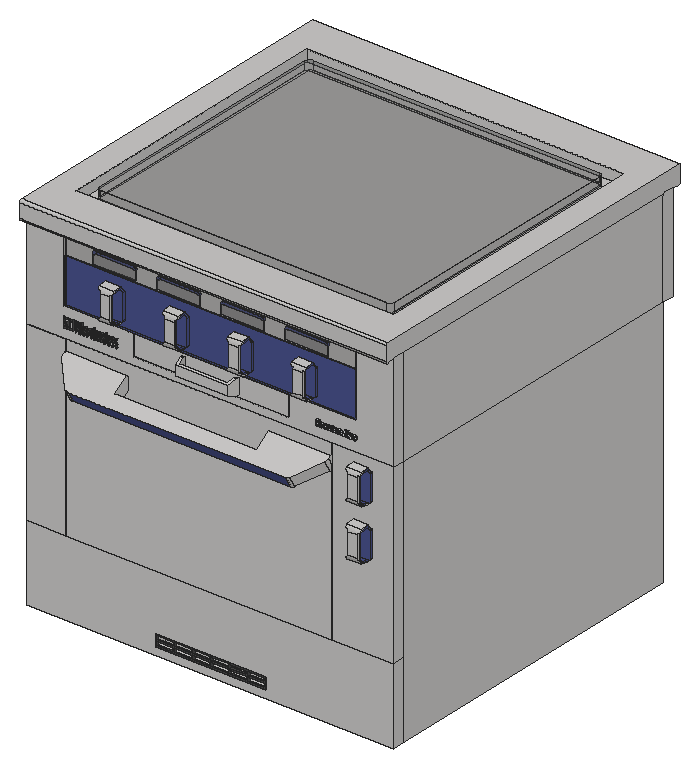
Revit family "QF_ELECTROLUXPROFESSIONAL_588420_MALMFAH8AO", category Attrezzature speciali, Revit 2020
Family settings
  Quota connettore circolare = Usa diametro
  Tipo di parte = Normale
  Basato su piano di lavoro = No
  Sempre verticale = Sì
  Taglio con vuoti quando caricato = No
  Condiviso = No
  Punto di calcolo locali = No
Parameters (values of type "Standard")
  Weight = 208.00 kg
  Watts = 17300 W
  Volts = 400 V
  URL Manufacturer = "https://www.electroluxprofessional.com/"
  URL = "https://www.electroluxprofessional.com/"
  Steam Supply Size = 0"
  Steam Supply Minimum Pressure = 0.00 psi
  Steam Supply Maximum Pressure = 0.00 psi
  Steam Consumption per Hour = 0
  Refrigeration Suction Line Size = 0 mm
  Refrigeration Liquid Line Size = 0 mm
  Refrigerant Compressor Remote = yes
  Prospetto di default = 0 mm
  Phase = 3
  Modello = "MALMFAH8AO"
  Produttore = "Electrolux Professional"
  Length Actual = 800 mm  # constant formula
  Item Number = "588420"
  Hot Water Size = 0"
  Height Actual = 800 mm  # constant formula
  HP = "23.2 HP"
  Gas Size = 0"
  Gas KW = 0
  Gas Input Pressure = 0.0 Btu/h
  Direct Waste Size = 0"
  Descrizione = "EL.SOLID T,ECO,ST.OV,1S,800X800X800H"
  Depth Actual = 800 mm  # constant formula
  Cycle = 50 Hz
  Condensate Return Size = 0"
  Compressed Air Volume = 0 GPM
  Compressed Air Size = 0"
  Compressed Air Pressure = 0.00 psi
  Cold Water Size = 0"
  Accessory = yes
Reference planes
  plane 1 "BACK": y = 0
  plane 2: z = 0
  plane 3 "LEFT": x = 0
  plane 4 "RIGHT": x = 800
  plane 5 "FRONT": y = -800
  plane 6 "TOP": z = 900
  plane 7 "Center (Left/Right)": x = 400
  plane 8: y = -400
  plane 9: z = 100
  plane 10: y = -150
  plane 11 "Panel": y = -755
  plane 12: z = 798
  plane 13: z = 1327
  plane 14: x = 78
  plane 15: x = 722
  plane 16: y = -150
  plane 17: y = -650
  plane 18 "EIx": x = 755
  plane 19 "EIy": y = -585
Forms (mm)
  Extrusion 1, solid, material "QF_Finishes_Stainless Steel"
    sketch origin (-178.969, -4572, 100) x (-1, 0, 0) y (0, -1, 0)
      loop
        line (-178.969, -4527) -> (-178.969, -3817) -> (-978.969, -3817) -> (-978.969, -4527) -> (-178.969, -4527)
    from 550 to 763
  Extrusion 2, solid, material "QF_Finishes_Stainless Steel"
    sketch origin (0, 0, 0) x (0, 1, 0) y (0, 0, 1)
      loop
        line (-755, 100) -> (-755, 265) -> (-780, 265) -> (-780, 100) -> (-755, 100)
    from 0 to 800
  Extrusion 3, solid, material "QF_Finishes_Stainless Steel"
    sketch origin (-588.969, -4562, 100) x (-1, 0, 0) y (0, -1, 0)
      loop
        circle (-1343.969, -3977) r 6.35
    from 0 to -11.851
  Extrusion 4, solid, material "QF_Finishes_Stainless Steel"
    sketch origin (400, 296.4, 1219.2) x (0, 1, 0) y (0, 0, 1)
      loop
        line (-296.4, -319.2) -> (-1091.4, -319.2)
        arc (-1091.4, -319.2) -> (-1094.935, -320.664) -> (-1096.4, -324.2) r 5
        line (-1096.4, -324.2) -> (-1096.4, -355.2)
        arc (-1096.4, -355.2) -> (-1094.971, -358.264) -> (-1091.705, -359.139) r 4
        line (-1091.705, -359.139) -> (-1076.4, -356.231) -> (-316.4, -356.231) -> (-301.094, -359.139)
        arc (-301.094, -359.139) -> (-297.829, -358.264) -> (-296.4, -355.2) r 4
        line (-296.4, -355.2) -> (-296.4, -319.2)
    from -400 to 400
  Extrusion 5, solid, material "QF_Finishes_Electrolux_Black Smoke Iluminated"
    sketch origin (0, 0, 900) x (-1, 0, 0) y (0, -1, 0)
      loop
        arc (-88, 109) -> (-80.929, 111.929) -> (-78, 119) r 10
        line (-78, 119) -> (-78, 680)
        arc (-78, 680) -> (-80.929, 687.071) -> (-88, 690) r 10
        line (-88, 690) -> (-712, 690)
        arc (-712, 690) -> (-719.071, 687.071) -> (-722, 680) r 10
        line (-722, 680) -> (-722, 119)
        arc (-722, 119) -> (-719.071, 111.929) -> (-712, 109) r 10
        line (-712, 109) -> (-88, 109)
    from 0 to -20
  Extrusion 6, solid, material "QF_Finishes_Stainless Steel"
    sketch origin (-178.969, -4572, 100) x (-1, 0, 0) y (0, -1, 0)
      loop
        line (-178.969, -4527) -> (-178.969, -3817) -> (-978.969, -3817) -> (-978.969, -4527) -> (-178.969, -4527)
    from 550 to 0
  Extrusion 7, void
    sketch origin (0, -755, 0) x (-1, 0, 0) y (0, 0, 1)
      loop
        line (-520, 116.594) -> (-280, 116.594) -> (-280, 141.594) -> (-520, 141.594) -> (-520, 116.594)
    from 0 to -25
  Extrusion 8, solid, material "QF_Finishes_Black"
    sketch origin (0, -755, 0) x (-1, 0, 0) y (0, 0, 1)
      loop
        line (-280, 141.594) -> (-520, 141.594) -> (-520, 116.594) -> (-280, 116.594) -> (-280, 141.594)
      loop
        line (-282, 139.594) -> (-319.131, 139.594) -> (-319.131, 130.094) -> (-282, 130.094) -> (-282, 139.594)
      loop
        line (-282, 118.594) -> (-282, 128.094) -> (-319.131, 128.094) -> (-319.131, 118.594) -> (-282, 118.594)
      loop
        line (-321.131, 139.594) -> (-359.066, 139.594) -> (-359.066, 130.094) -> (-321.131, 130.094) -> (-321.131, 139.594)
      loop
        line (-399, 139.594) -> (-399, 130.094) -> (-361.066, 130.094) -> (-361.066, 139.594) -> (-399, 139.594)
      loop
        line (-401, 139.594) -> (-438.934, 139.594) -> (-438.934, 130.094) -> (-401, 130.094) -> (-401, 139.594)
      loop
        line (-359.066, 118.594) -> (-321.131, 118.594) -> (-321.131, 128.094) -> (-359.066, 128.094) -> (-359.066, 118.594)
      loop
        line (-361.066, 118.594) -> (-361.066, 128.094) -> (-399, 128.094) -> (-399, 118.594) -> (-361.066, 118.594)
      loop
        line (-401, 128.094) -> (-438.934, 128.094) -> (-438.934, 118.594) -> (-401, 118.594) -> (-401, 128.094)
      loop
        line (-518, 139.594) -> (-518, 130.094) -> (-480.869, 130.094) -> (-480.869, 139.594) -> (-518, 139.594)
      loop
        line (-518, 118.594) -> (-480.869, 118.594) -> (-480.869, 128.094) -> (-518, 128.094) -> (-518, 118.594)
      loop
        line (-478.869, 139.594) -> (-478.869, 130.094) -> (-440.934, 130.094) -> (-440.934, 139.594) -> (-478.869, 139.594)
      loop
        line (-440.934, 118.594) -> (-440.934, 128.094) -> (-478.869, 128.094) -> (-478.869, 118.594) -> (-440.934, 118.594)
    from -25.03 to -20
  Extrusion 9, void
    sketch origin (0, 0, 900) x (-1, 0, 0) y (0, -1, 0)
      loop
        line (-53, 715) -> (-747, 715) -> (-747, 84) -> (-53, 84) -> (-53, 715)
    from 0 to -25
  Extrusion 10, solid, material "QF_Finishes_Stainless Steel"
    sketch origin (0, 0, 900) x (-1, 0, 0) y (0, -1, 0)
      loop
        line (-82, 113) -> (-82, 686) -> (-718, 686) -> (-718, 113) -> (-82, 113)
    from -20 to -25
  Extrusion 11, solid, material "QF_Finishes_Stainless Steel"
    sketch origin (400, 296.4, 1219.169) x (0, 1, 0) y (0, 0, 1)
      loop
        line (-341.4, -356.2) -> (-341.4, -569.2) -> (-316.4, -569.2) -> (-316.4, -356.2) -> (-341.4, -356.2)
    from -400 to 400
Cuts and joins
  Extrusion 7 cuts Extrusion 6
  Extrusion 7 cuts Extrusion 2
  Extrusion 9 cuts Extrusion 4
Lines and regions (mm)
  symbolic lines
    curve 1: line (0, 0, 100) -> (800, 0, 100)
    curve 2: line (0, -800, 100) -> (0, 0, 100)
    curve 3: line (800, -800, 100) -> (0, -800, 100)
    curve 4: line (800, 0, 100) -> (800, -800, 100)
    curve 5: line (712, -109, 100) -> (88, -109, 100)
    curve 6: line (78, -119, 100) -> (78, -680, 100)
    curve 7: line (88, -690, 100) -> (712, -690, 100)
    curve 8: line (722, -680, 100) -> (722, -119, 100)
    curve 9: arc (88, -109, 100) -> (80.929, -111.929, 100) -> (78, -119, 100) r 10
    curve 10: arc (722, -119, 100) -> (719.071, -111.929, 100) -> (712, -109, 100) r 10
    curve 11: arc (712, -690, 100) -> (719.071, -687.071, 100) -> (722, -680, 100) r 10
    curve 12: arc (78, -680, 100) -> (80.929, -687.071, 100) -> (88, -690, 100) r 10
    curve 13: line (747, -84, 900) -> (53, -84, 900)
    curve 14: line (53, -84, 900) -> (53, -715, 900)
    curve 15: line (747, -715, 900) -> (747, -84, 900)
    curve 16: line (53, -715, 900) -> (747, -715, 900)
  model lines, style "SpecialityEquipment"
    curve 17: arc (584, -161, 900) -> (530.967, -289.033, 900) -> (659, -236, 900) r 75
    curve 18: line (639, -236, 900) -> (679, -236, 900)
    curve 19: line (679, -236, 900) -> (659, -216, 900)
    curve 20: line (639, -236, 900) -> (659, -216, 900)
    curve 21: arc (216, -161, 900) -> (162.967, -289.033, 900) -> (291, -236, 900) r 75
    curve 22: line (271, -236, 900) -> (311, -236, 900)
    curve 23: line (311, -236, 900) -> (291, -216, 900)
    curve 24: line (271, -236, 900) -> (291, -216, 900)
    curve 25: arc (584, -489, 900) -> (530.967, -617.033, 900) -> (659, -564, 900) r 75
    curve 26: line (639, -564, 900) -> (679, -564, 900)
    curve 27: line (679, -564, 900) -> (659, -544, 900)
    curve 28: line (639, -564, 900) -> (659, -544, 900)
    curve 29: arc (216, -489, 900) -> (162.967, -617.033, 900) -> (291, -564, 900) r 75
    curve 30: line (271, -564, 900) -> (311, -564, 900)
    curve 31: line (311, -564, 900) -> (291, -544, 900)
    curve 32: line (271, -564, 900) -> (291, -544, 900)
Dimensions and locks
  plane 3 "LEFT" to plane 4 "RIGHT" = 800 mm
  plane 5 "FRONT" to plane 1 "BACK" = 800 mm
  equal spacing: plane 3 "LEFT", plane 7 "Center (Left/Right)", plane 4 "RIGHT"
  equal spacing: plane 5 "FRONT", plane 8, plane 1 "BACK"
  plane 6 "TOP" to level = 900 mm  (x2)
  plane 9 to level = 100 mm
  plane 1 "BACK" to plane 10 to plane 11 "Panel" = 150 mm, 605 mm  (x2)
  plane 6 "TOP" to plane 9 to level = 800 mm, 100 mm
  plane 1 "BACK" to plane 5 "FRONT" = 800 mm
  plane 1 "BACK" to Extrusion 3 = 585 mm
  plane 12 to plane 9 = 698 mm
  plane 13 to plane 6 "TOP" = 427 mm
  plane 6 "TOP" to plane 12 = 102 mm
  plane 14 to plane 3 "LEFT" = 78 mm
  plane 15 to plane 4 "RIGHT" = 78 mm
  locked: plane 1 "BACK" to plane 16 at 150
  locked: plane 16 to plane 17 at 500
  plane 11 "Panel" to plane 5 "FRONT" = 45 mm
  plane 18 "EIx" to plane 4 "RIGHT" = 45 mm
  plane 19 "EIy" to plane 1 "BACK" = 585 mm
  aligned and locked: level to plane 2
  aligned and locked: Extrusion 2 to plane 4 "RIGHT"
  aligned and locked: plane 3 "LEFT" to nested 1
  aligned and locked: nested 1 to nested 4
  aligned and locked: cut or joined group of Extrusion 2, Extrusion 7 to nested 1
Automatic sketch dimensions
  Extrusion 2 sketch curve to plane 9 = 0 mm
  Extrusion 2 sketch curve to plane 11 "Panel" = 0 mm
  Extrusion 2 sketch curve to plane 5 "FRONT" = 20 mm
  plane 9 to Extrusion 2 sketch curve = 165 mm
  Extrusion 3 sketch curve to plane 18 "EIx" = 0 mm
  Extrusion 3 sketch curve to plane 19 "EIy" = 0 mm
  Extrusion 4 sketch curve to plane 5 "FRONT" = 0 mm
  Extrusion 4 sketch curve to plane 6 "TOP" = 0 mm
  Extrusion 4 sketch curve to plane 1 "BACK" = 0 mm
  Extrusion 4 sketch curve to plane 5 "FRONT" = 4 mm
  Extrusion 4 sketch curve to Extrusion 4 sketch curve = 0.695 mm
  Extrusion 4 sketch curve to plane 5 "FRONT" = 5 mm
  Extrusion 4 sketch curve to Extrusion 4 sketch curve = 15.305 mm
  plane 1 "BACK" to Extrusion 4 sketch curve = 20 mm
  plane 1 "BACK" to Extrusion 4 sketch curve = 4.695 mm
  Extrusion 4 sketch curve to Extrusion 4 sketch curve = 4 mm
  Extrusion 4 sketch curve to Extrusion 4 sketch curve = 31 mm
  Extrusion 4 sketch curve to plane 6 "TOP" = 36 mm
  Extrusion 4 sketch curve to Extrusion 4 sketch curve = 2.909 mm
  Extrusion 5 sketch curve to plane 15 = 0 mm
  Extrusion 5 sketch curve to plane 14 = 0 mm
  plane 15 to Extrusion 5 sketch curve = 10 mm  (x2)
  Extrusion 5 sketch curve to Extrusion 5 sketch curve = 10 mm  (x2)
  plane 10 to Extrusion 5 sketch curve = 41 mm
  plane 17 to Extrusion 5 sketch curve = 30 mm
  plane 9 to Extrusion 7 sketch curve = 41.594 mm
  plane 7 "Center (Left/Right)" to Extrusion 7 sketch curve = 120 mm
  Extrusion 7 sketch curve to plane 7 "Center (Left/Right)" = 120 mm
  plane 9 to Extrusion 7 sketch curve = 16.594 mm
  plane 9 to Extrusion 8 sketch curve = 41.594 mm
  plane 7 "Center (Left/Right)" to Extrusion 8 sketch curve = 120 mm
  Extrusion 8 sketch curve to Extrusion 8 sketch curve = 2 mm  (x15)
  Extrusion 8 sketch curve to Extrusion 8 sketch curve = 0 mm  (x16)
  Extrusion 8 sketch curve to Extrusion 8 sketch curve = 37.131 mm  (x2)
  Extrusion 8 sketch curve to Extrusion 8 sketch curve = 37.934 mm  (x3)
  plane 7 "Center (Left/Right)" to Extrusion 8 sketch curve = 1 mm  (x2)
  Extrusion 8 sketch curve to plane 7 "Center (Left/Right)" = 1 mm  (x2)
  plane 9 to Extrusion 8 sketch curve = 18.594 mm  (x4)
  Extrusion 8 sketch curve to Extrusion 8 sketch curve = 9.5 mm  (x6)
  plane 18 "EIx" to Extrusion 9 sketch curve = 8 mm
  plane 14 to Extrusion 9 sketch curve = 25 mm
  plane 10 to Extrusion 9 sketch curve = 66 mm
  plane 11 "Panel" to Extrusion 9 sketch curve = 40 mm
  Extrusion 10 sketch curve to plane 14 = 4 mm
  plane 15 to Extrusion 10 sketch curve = 4 mm
  plane 17 to Extrusion 10 sketch curve = 36 mm
  plane 10 to Extrusion 10 sketch curve = 37 mm
  Extrusion 1 sketch curve to plane 4 "RIGHT" = 0 mm
  Extrusion 1 sketch curve to plane 3 "LEFT" = 0 mm
  Extrusion 1 sketch curve to plane 11 "Panel" = 0 mm
  plane 1 "BACK" to Extrusion 1 sketch curve = 45 mm
  plane 1 "BACK" to curve 1 = 0 mm
  curve 1 to plane 4 "RIGHT" = 0 mm
  curve 8 to plane 15 = 0 mm
  curve 6 to plane 14 = 0 mm
  curve 2 to plane 3 "LEFT" = 0 mm
  plane 5 "FRONT" to curve 3 = 0 mm
  plane 15 to curve 5 = 10 mm
  curve 11 to curve 11 = 10 mm
  curve 5 to plane 14 = 10 mm
  curve 12 to curve 6 = 10 mm
  plane 10 to curve 5 = 41 mm
  plane 17 to curve 11 = 30 mm
  Extrusion 6 sketch curve to plane 4 "RIGHT" = 0 mm
  Extrusion 6 sketch curve to plane 3 "LEFT" = 0 mm
  Extrusion 6 sketch curve to plane 11 "Panel" = 0 mm
  plane 1 "BACK" to Extrusion 6 sketch curve = 45 mm
  curve 20 to curve 17 = 55 mm
  curve 26 to curve 25 = 55 mm
  curve 19 to curve 18 = 20 mm
  curve 26 to curve 27 = 20 mm
  curve 18 to curve 19 = 20 mm
  plane 18 "EIx" to curve 13 = 8 mm
  curve 31 to plane 7 "Center (Left/Right)" = 89 mm
  curve 23 to plane 7 "Center (Left/Right)" = 89 mm
  curve 22 to curve 24 = 20 mm
  curve 30 to curve 31 = 20 mm
  curve 23 to curve 22 = 20 mm
  curve 31 to curve 30 = 20 mm
  curve 22 to curve 21 = 55 mm
  curve 30 to curve 29 = 55 mm
  plane 14 to curve 14 = 25 mm
  plane 10 to curve 13 = 66 mm
  plane 11 "Panel" to curve 16 = 40 mm
  curve 29 to curve 30 = 20 mm
  curve 27 to curve 26 = 40 mm
  curve 25 to curve 26 = 20 mm
  plane 15 to curve 19 = 43 mm
  curve 17 to curve 18 = 20 mm
  curve 21 to curve 22 = 20 mm
  Extrusion 11 sketch curve to Extrusion 11 sketch curve = 25 mm
  plane 1 "BACK" to Extrusion 11 sketch curve = 20 mm
  Extrusion 11 sketch curve to plane 12 = 148.031 mm
  Extrusion 11 sketch curve to plane 6 "TOP" = 37.031 mm
  plane 19 "EIy" to curve 27 = 21 mm
  plane 15 to curve 27 = 43 mm
  curve 23 to plane 10 = 66 mm
  curve 19 to plane 10 = 66 mm
  plane 19 "EIy" to curve 32 = 41 mm
  radius of Extrusion 3 sketch curve = 6.35 mm
Nested families
  nested 1: "Door_Panel_W800_A" at (300, -755, 0), type "Door_Panel_W800_A"
  nested 2: "FIT Range Control Handle" at (730, -783.167, -372.751), type "FIT Range Control Handle"
  nested 3: "FIT Range Control Handle" at (730, -783.167, -484.751), type "FIT Range Control Handle"
  nested 4: "Front_Panel_W800_Four Knobs" at (202.376, -755, 0), type "Front_Panel_W800_Four Knobs"
Connectors
  electrical at (755, -585, 88.149)
    settings: on Extrusion 3, index 1, voltage 400 V, apparent load 33000 VA, apparent load phase1 0 VA, apparent load phase2 0 VA, apparent load phase3 0 VA, power factor 1, load classification "Other", number of poles 1, system type 30, power factor state 1, is connector primary yes, connector utility no, sub classification motor no, connector description "ELECTRICAL CONNECTION"
Definition of nested family "Door_Panel_W800_A"
  Parameters
    Default Elevation = 0 mm
  Reference planes
    plane 1 "Center (Front/Back)": y = 0
    plane 2 "Ref. Level": z = 0
    plane 3: x = 500
    plane 4: x = -300
    plane 5 "Center (Left/Right)": x = 100
    plane 6: x = -215
    plane 7: x = 365
    plane 8 "Manopola": through (-6096, -50.059, 612.389) normal (0, -0.515, 0.8572)
    plane 9 "Top": z = 650
    plane 10: z = 265
    plane 11: z = 200
  Forms (mm)
    Extrusion 1, solid
      sketch origin (100, 0, 0) x (0, 1, 0) y (0, 0, 1)
        loop
          line (-25.03, 650) -> (-25.03, 265) -> (0, 265) -> (0, 650) -> (-25.03, 650)
      from 265 to 400
    Extrusion 2, solid
      sketch origin (100, 0, 0) x (0, 1, 0) y (0, 0, 1)
        loop
          line (-25.03, 650) -> (-25.03, 265) -> (0, 265) -> (0, 650) -> (-25.03, 650)
      from -400 to -315
    Extrusion 3, solid
      sketch origin (100, 0, 0) x (0, 1, 0) y (0, 0, 1)
        loop
          line (-25.03, 650) -> (-25.03, 265) -> (0, 265) -> (0, 650) -> (-25.03, 650)
      from -315 to 265
    Extrusion 4, solid
      sketch origin (0, -283.633, 472.044) x (0, 0.857167, 0.515038) y (-1, 0, 0)
        loop
          line (299.12, -365) -> (299.12, 215) -> (290.982, 215)
          arc (290.982, 215) -> (286.677, 214.026) -> (283.211, 211.293) r 10
          line (283.211, 211.293) -> (233.28, 170.86)
          arc (233.28, 170.86) -> (230.548, 167.394) -> (229.574, 163.089) r 10
          line (229.574, 163.089) -> (229.574, -313.089)
          arc (229.574, -313.089) -> (230.548, -317.394) -> (233.28, -320.86) r 10
          line (233.28, -320.86) -> (283.211, -361.293)
          arc (283.211, -361.293) -> (286.677, -364.026) -> (290.982, -365) r 10
          line (290.982, -365) -> (299.12, -365)
      from -27 to 0
    Extrusion 5, void
      sketch origin (100, 0, 0) x (0, 1, 0) y (0, 0, 1)
        loop
          line (-61.514, 605.507) -> (-47.608, 582.363) -> (-25.03, 595.93) -> (-25.03, 627.429) -> (-61.514, 605.507)
      from -180 to 130
    Extrusion 6, solid, detail levels coarse
      sketch origin (100, 0, 0) x (0, 1, 0) y (0, 0, 1)
        loop
          line (-25.03, 265) -> (-25.03, 650)
          arc (-25.03, 650) -> (-297.266, 537.236) -> (-410.03, 265) r 385
          line (-410.03, 265) -> (-25.03, 265)
      from -315 to 265
  Cuts and joins
    Extrusion 5 cuts Extrusion 4
    joined: Extrusion 3, Extrusion 4
  Lines and regions (mm)
    symbolic lines
      curve 1: line (-207.355, -45.043, 0) -> (-170.86, -83.673, 0)
      curve 2: line (-163.089, -86.85, 0) -> (313.089, -86.85, 0)
      curve 3: line (320.86, -83.673, 0) -> (357.355, -45.043, 0)
      curve 4: arc (-163.089, -86.85, 0) -> (-167.318, -86.101, 0) -> (-170.86, -83.673, 0) r 10.165
      curve 5: arc (313.089, -86.85, 0) -> (317.318, -86.101, 0) -> (320.86, -83.673, 0) r 10.165
      curve 6: line (-215, -45.043, 0) -> (-215, -410.03, 0)
      curve 7: line (-215, -410.03, 0) -> (365, -410.03, 0)
      curve 8: line (365, -410.03, 0) -> (365, -45.03, 0)
  Dimensions and locks
    plane 3 to plane 4 = 800 mm
    plane 4 to plane 3 = 800 mm
    equal spacing: plane 3, plane 5 "Center (Left/Right)", plane 4
    plane 6 to plane 4 = 85 mm
    plane 3 to plane 7 = 135 mm
    plane 11 to level = 200 mm
    plane 10 to plane 11 = 65 mm
    plane 10 to plane 9 "Top" = 385 mm
    plane 9 "Top" to plane 11 = 450 mm
    aligned and locked: plane 3 to Extrusion 1
    aligned and locked: cut or joined group of Extrusion 3, Extrusion 4, Extrusion 5 to plane 6
    aligned and locked: cut or joined group of Extrusion 3, Extrusion 4, Extrusion 5 to plane 7
    aligned and locked: plane 7 to Extrusion 1
    aligned and locked: plane 6 to Extrusion 2
    aligned and locked: Extrusion 2 to plane 4
    aligned and locked: plane 10 to Extrusion 2
    aligned and locked: plane 10 to cut or joined group of Extrusion 3, Extrusion 4, Extrusion 5
    aligned and locked: plane 10 to Extrusion 1
    aligned and locked: Extrusion 6 to plane 6
    aligned and locked: Extrusion 6 to plane 7
  Automatic sketch dimensions
    Extrusion 5 sketch curve to plane 8 "Manopola" = 0 mm  (x2)
    plane 1 "Center (Front/Back)" to Extrusion 5 sketch curve = 61.514 mm
    Extrusion 5 sketch curve to Extrusion 5 sketch curve = 13.906 mm
    plane 1 "Center (Front/Back)" to Extrusion 5 sketch curve = 25.03 mm
    Extrusion 4 sketch curve to plane 7 = 0 mm
    Extrusion 4 sketch curve to plane 6 = 0 mm
    plane 6 to Extrusion 4 sketch curve = 51.911 mm
    plane 7 to Extrusion 4 sketch curve = 44.14 mm
    Extrusion 4 sketch curve to Extrusion 4 sketch curve = 3.707 mm  (x2)
    plane 6 to Extrusion 4 sketch curve = 44.14 mm
    plane 7 to Extrusion 4 sketch curve = 3.707 mm
    Extrusion 4 sketch curve to Extrusion 4 sketch curve = 49.93 mm  (x2)
    plane 6 to Extrusion 4 sketch curve = 3.707 mm
    Extrusion 4 sketch curve to Extrusion 4 sketch curve = 7.771 mm  (x3)
    Extrusion 4 sketch curve to Extrusion 4 sketch curve = 8.138 mm
    Extrusion 2 sketch curve to plane 1 "Center (Front/Back)" = 0 mm
    Extrusion 3 sketch curve to plane 1 "Center (Front/Back)" = 0 mm
    Extrusion 1 sketch curve to plane 1 "Center (Front/Back)" = 0 mm
    Extrusion 2 sketch curve to plane 9 "Top" = 0 mm
    Extrusion 2 sketch curve to Extrusion 2 sketch curve = 25.03 mm
    Extrusion 3 sketch curve to plane 9 "Top" = 0 mm
    Extrusion 3 sketch curve to Extrusion 3 sketch curve = 25.03 mm
    Extrusion 1 sketch curve to plane 9 "Top" = 0 mm
    plane 1 "Center (Front/Back)" to Extrusion 1 sketch curve = 25.03 mm
    level to Extrusion 1 sketch curve = 265 mm
    level to Extrusion 2 sketch curve = 265 mm
    level to Extrusion 3 sketch curve = 265 mm
    plane 10 to Extrusion 6 sketch curve = 0 mm
    Extrusion 6 sketch curve to plane 9 "Top" = 0 mm
    plane 1 "Center (Front/Back)" to Extrusion 6 sketch curve = 25.03 mm
    curve 7 to plane 7 = 0 mm
    plane 6 to curve 1 = 44.14 mm
    curve 4 to curve 4 = 7.389 mm
    curve 4 to curve 2 = 7.771 mm
    plane 7 to curve 2 = 51.911 mm
    curve 2 to curve 5 = 0.382 mm
    curve 2 to curve 3 = 7.771 mm
    plane 1 "Center (Front/Back)" to curve 6 = 410.03 mm
    plane 1 "Center (Front/Back)" to curve 2 = 86.85 mm
    curve 2 to curve 3 = 3.177 mm
    curve 2 to curve 1 = 3.177 mm
    plane 7 to curve 3 = 7.645 mm
    plane 1 "Center (Front/Back)" to curve 3 = 45.043 mm
    curve 3 to curve 8 = 0.013 mm
    curve 7 to plane 6 = 0 mm
    curve 6 to curve 1 = 7.645 mm
    plane 1 "Center (Front/Back)" to curve 1 = 45.043 mm
    curve 6 to curve 1 = 0 mm
Definition of nested family "FIT Range Control Handle"
  Parameters
    Default Elevation = 0 mm
  Reference planes
    plane 1 "Center (Front/Back)": y = 0
    plane 2: z = 0
    plane 3 "Center (Left/Right)": x = 0
    plane 4: z = 971.092
    plane 5: y = -16.8
  Forms (mm)
    Extrusion 1, solid
      sketch origin (-746.28, 380.497, 208.931) x (-1, 0, 0) y (0, 0, 1)
        loop
          line (-770.101, 786.798) -> (-770.101, 731.649)
          arc (-770.101, 731.649) -> (-769.759, 730.563) -> (-768.855, 729.87) r 1.893
          line (-768.855, 729.87) -> (-763.474, 727.911) -> (-729.81, 727.911) -> (-724.428, 729.87)
          arc (-724.428, 729.87) -> (-723.525, 730.563) -> (-723.183, 731.649) r 1.893
          line (-723.183, 731.649) -> (-723.183, 786.798)
          arc (-723.183, 786.798) -> (-723.529, 787.894) -> (-724.44, 788.593) r 1.91
          line (-724.44, 788.593) -> (-729.683, 790.819) -> (-763.601, 790.819) -> (-768.844, 788.593)
          arc (-768.844, 788.593) -> (-769.755, 787.894) -> (-770.101, 786.798) r 1.91
      from -382.35 to -378.852
    Sweep 2, solid
      path origin (-746.788, 380.496, 208.091) x (0, -1, 0) y (0, 0, 1)
        loop
          line (379.775, 793.281) -> (395.661, 791.048)
          arc (395.661, 791.048) -> (397.781, 787.377) -> (398.517, 783.202) r 12.207
          line (398.517, 783.202) -> (398.517, 737.368)
          arc (398.517, 737.368) -> (397.781, 733.193) -> (395.661, 729.522) r 12.207
          line (395.661, 729.522) -> (379.775, 727.289)
      profile origin (-746.788, -7.222, 1000.256) x (0, -0.139173, 0.990268) y (-1, 0, 0)
        loop
          line (0.782, -763.123) -> (0.782, -730.907) -> (-1.322, -730.907) -> (-1.322, -763.123) -> (0.782, -763.123)
    Sweep 3, solid
      path origin (-746.788, 380.715, 207.832) x (0, -1, 0) y (0, 0, 1)
        loop
          line (380.478, 795.442) -> (397.218, 793.09)
          arc (397.218, 793.09) -> (399.929, 788.473) -> (400.871, 783.202) r 15.207
          line (400.871, 783.202) -> (400.871, 737.584)
          arc (400.871, 737.584) -> (399.914, 732.274) -> (397.164, 727.633) r 15.207
          line (397.164, 727.633) -> (380.601, 725.305)
      profile origin (-746.788, -8.132, 1002.099) x (0, -0.139173, 0.990268) y (-1, 0, 0)
        loop
          line (0.782, -763.123) -> (0.782, -730.907) -> (-1.322, -730.907) -> (-1.322, -763.123) -> (0.782, -763.123)
    Extrusion 4, void
      sketch origin (889.253, 220.666, 207.993) x (1, 0, 0) y (0, 0, 1)
        loop
          line (-943.038, 816.854) -> (-943.038, 703.686) -> (-899.466, 734.196) -> (-899.466, 786.344) -> (-943.038, 816.854)
      from 230.636 to 242.25
    Extrusion 5, void
      sketch origin (-888.8, 220.666, 207.993) x (-1, 0, 0) y (0, 0, -1)
        loop
          line (-943.038, -816.854) -> (-899.466, -786.344) -> (-899.466, -734.196) -> (-943.038, -703.686) -> (-943.038, -816.854)
      from 230.636 to 242.25
    Extrusion 6, solid
      sketch origin (0, 0, 0) x (1, 0, 0) y (0, 0, 1)
        loop
          circle (0, 971.092) r 7.736
      from -3.137 to -1.645
  Cuts and joins
    Extrusion 4, Extrusion 5 cuts Sweep 3
    Extrusion 4, Extrusion 5 cuts Sweep 2
    joined: Extrusion 1, Extrusion 6
  Lines and regions (mm)
    symbolic lines
      curve 1: line (-15.881, -19.189, 0) -> (-15.881, -16.8, 0)
      curve 2: line (16.334, -19.189, 0) -> (16.334, -16.8, 0)
      curve 3: spline (-15.881, -19.189, 0) -> (-15.417, -19.349, 0) -> (-14.951, -19.501, 0) -> (-14.483, -19.646, 0) -> (-14.014, -19.783, 0) -> (-13.543, -19.912, 0) -> (-13.071, -20.033, 0) -> (-12.597, -20.146, 0) -> (-12.122, -20.251, 0) -> (-11.646, -20.349, 0) -> (-11.169, -20.438, 0) -> (-10.691, -20.52, 0) -> (-10.213, -20.593, 0)
      curve 4: spline (10.666, -20.593, 0) -> (11.144, -20.52, 0) -> (11.622, -20.438, 0) -> (12.099, -20.349, 0) -> (12.575, -20.251, 0) -> (13.05, -20.146, 0) -> (13.524, -20.033, 0) -> (13.996, -19.912, 0) -> (14.467, -19.783, 0) -> (14.936, -19.646, 0) -> (15.404, -19.501, 0) -> (15.87, -19.349, 0) -> (16.334, -19.189, 0)
      curve 5: line (-10.213, -20.938, 0) -> (10.716, -20.938, 0)
  Dimensions and locks
    cut or joined group of Sweep 3, Extrusion 4, Extrusion 5 to cut or joined group of Sweep 3, Extrusion 4, Extrusion 5 = 71.686 mm
Definition of nested family "Front_Panel_W800_Four Knobs"
  Parameters
    Default Elevation = 0 mm
  Reference planes
    plane 1 "Center (Front/Back)": y = 0
    plane 2: z = 0
    plane 3 "Center (Left/Right)": x = 197.624
    plane 4 "Left": x = -202.376
    plane 5 "Right": x = 597.624
    plane 6: y = -45
    plane 7: x = -12.376
    plane 8: x = 127.624
    plane 9: y = -310
    plane 10: y = -25
    plane 11: x = 517.624
    plane 12: x = -122.376
  Forms (mm)
    Extrusion 1, solid
      sketch origin (833.217, 829.203, -1.25) x (0, 1, 0) y (0, 0, 1)
        loop
          line (-854.203, 651.25) -> (-829.203, 651.25) -> (-829.203, 864.25) -> (-854.203, 864.25) -> (-854.203, 651.25)
      from -1035.593 to -235.593
    Extrusion 2, void
      sketch origin (0, 0, 0) x (1, 0, 0) y (0, 0, 1)
        loop
          line (-122.376, 853.866) -> (-122.376, 711.866) -> (517.624, 711.866) -> (517.624, 853.866) -> (-122.376, 853.866)
      from 19.387 to 33.951
    Extrusion 3, void
      sketch origin (0, 0, 0) x (1, 0, 0) y (0, 0, 1)
        loop
          line (30.124, 711.866) -> (30.124, 666.866) -> (370.124, 666.866) -> (370.124, 711.866) -> (30.124, 711.866)
      from 19.387 to 25
    Extrusion 4, solid
      sketch origin (0, 0, 0) x (1, 0, 0) y (0, 0, 1)
        loop
          line (31.124, 710.866) -> (31.124, 667.866) -> (369.124, 667.866) -> (369.124, 710.866) -> (31.124, 710.866)
      from 19.387 to 25
    Extrusion 5, solid
      sketch origin (0, 0, 0) x (1, 0, 0) y (0, 1, 0)
        loop
          line (141.059, -25) -> (135.966, -25) -> (140.646, -49.075) -> (254.603, -49.075) -> (259.283, -25) -> (254.189, -25) -> (250.481, -44.075) -> (144.767, -44.075) -> (141.059, -25)
      from 672.593 to 705.67
    Extrusion 6, void
      sketch origin (197.624, 0, 0) x (0, 1, 0) y (0, 0, 1)
        loop
          line (-30, 705.67) -> (-30, 710.67) -> (-56.744, 710.67) -> (-56.744, 667.593) -> (-30, 667.593) -> (-30, 672.593) -> (-53.776, 680.318) -> (-53.776, 697.945) -> (-30, 705.67)
      from -70 to 70
    Extrusion 7, solid, detail levels coarse
      sketch origin (0, -265, 0) x (1, 0, 0) y (0, 1, 0)
        loop
          line (140.646, -69.075) -> (254.603, -69.075) -> (259.283, -45) -> (364.124, -45) -> (364.124, 240) -> (31.124, 240) -> (31.124, -45) -> (135.966, -45) -> (140.646, -69.075)
      from 672.593 to 705.67
    Extrusion 8, void
      sketch origin (197.624, -280, 0) x (0, 1, 0) y (0, 0, 1)
        loop
          line (-30, 705.67) -> (-30, 710.67) -> (-56.744, 710.67) -> (-56.744, 667.593) -> (-30, 667.593) -> (-30, 672.593) -> (-53.776, 680.318) -> (-53.776, 697.945) -> (-30, 705.67)
      from -70 to 70
  Cuts and joins
    Extrusion 2, Extrusion 3 cuts Extrusion 1
    Extrusion 6, Extrusion 8 cuts Extrusion 5
    Extrusion 8 cuts Extrusion 7
  Lines and regions (mm)
    symbolic lines
      curve 1: line (31.124, -45, 0) -> (31.124, -310, 0)
      curve 2: line (31.124, -310, 0) -> (364.124, -310, 0)
      curve 3: line (135.966, -310, 0) -> (140.646, -334.075, 0)
      curve 4: line (140.646, -334.075, 0) -> (254.603, -334.075, 0)
      curve 5: line (254.603, -334.075, 0) -> (259.283, -310, 0)
      curve 6: line (364.124, -310, 0) -> (364.124, -45, 0)
      curve 7: line (31.124, -300, 0) -> (364.124, -300, 0)
      curve 8: line (140.874, -309.046, 0) -> (144.767, -329.075, 0)
      curve 9: line (144.767, -329.075, 0) -> (250.481, -329.075, 0)
      curve 10: line (250.481, -329.075, 0) -> (254.375, -309.046, 0)
  Dimensions and locks
    equal spacing: plane 5 "Right", plane 3 "Center (Left/Right)", plane 4 "Left"
    plane 5 "Right" to plane 4 "Left" = 800 mm
    plane 3 "Center (Left/Right)" to plane 7 = 210 mm
    plane 3 "Center (Left/Right)" to plane 8 = 70 mm
    plane 6 to plane 9 = 265 mm
    aligned and locked: cut or joined group of Extrusion 1, Extrusion 2, Extrusion 3 to plane 4 "Left"
    aligned and locked: plane 5 "Right" to cut or joined group of Extrusion 1, Extrusion 2, Extrusion 3
    aligned and locked: plane 3 "Center (Left/Right)" to nested 2
    aligned and locked: cut or joined group of Extrusion 1, Extrusion 2, Extrusion 3 to nested 2
  Automatic sketch dimensions
    plane 7 to Extrusion 3 sketch curve = 42.5 mm
    plane 3 "Center (Left/Right)" to Extrusion 3 sketch curve = 172.5 mm
    level to Extrusion 3 sketch curve = 666.866 mm
    Extrusion 3 sketch curve to Extrusion 3 sketch curve = 45 mm
    plane 7 to Extrusion 4 sketch curve = 43.5 mm
    plane 3 "Center (Left/Right)" to Extrusion 4 sketch curve = 171.5 mm
    level to Extrusion 4 sketch curve = 667.866 mm
    Extrusion 4 sketch curve to Extrusion 4 sketch curve = 43 mm
    plane 8 to Extrusion 5 sketch curve = 8.342 mm
    plane 6 to Extrusion 5 sketch curve = 4.075 mm
    plane 8 to Extrusion 5 sketch curve = 13.021 mm
    Extrusion 5 sketch curve to Extrusion 5 sketch curve = 5.094 mm  (x2)
    Extrusion 5 sketch curve to plane 6 = 0.925 mm
    Extrusion 5 sketch curve to Extrusion 5 sketch curve = 4.122 mm  (x2)
    plane 3 "Center (Left/Right)" to Extrusion 5 sketch curve = 52.857 mm
    Extrusion 5 sketch curve to plane 6 = 20 mm  (x2)
    Extrusion 5 sketch curve to Extrusion 5 sketch curve = 3.708 mm
    plane 6 to Extrusion 6 sketch curve = 11.744 mm
    plane 6 to Extrusion 6 sketch curve = 8.776 mm
    Extrusion 6 sketch curve to plane 6 = 15 mm  (x2)
    level to Extrusion 6 sketch curve = 667.593 mm
    Extrusion 6 sketch curve to Extrusion 6 sketch curve = 5 mm
    Extrusion 6 sketch curve to Extrusion 6 sketch curve = 12.725 mm  (x2)
    Extrusion 6 sketch curve to Extrusion 6 sketch curve = 17.627 mm
    Extrusion 6 sketch curve to Extrusion 6 sketch curve = 7.725 mm
    Extrusion 8 sketch curve to plane 9 = 26.744 mm
    Extrusion 8 sketch curve to plane 9 = 23.776 mm
    plane 9 to Extrusion 8 sketch curve = 0 mm  (x2)
    level to Extrusion 8 sketch curve = 667.593 mm
    Extrusion 8 sketch curve to Extrusion 8 sketch curve = 5 mm
    Extrusion 8 sketch curve to Extrusion 8 sketch curve = 12.725 mm  (x2)
    Extrusion 8 sketch curve to Extrusion 8 sketch curve = 17.627 mm
    Extrusion 8 sketch curve to Extrusion 8 sketch curve = 7.725 mm
    plane 9 to Extrusion 7 sketch curve = 0 mm  (x2)
    plane 7 to Extrusion 7 sketch curve = 43.5 mm
    plane 8 to Extrusion 7 sketch curve = 8.342 mm
    Extrusion 7 sketch curve to plane 9 = 24.075 mm
    plane 8 to Extrusion 7 sketch curve = 13.021 mm
    Extrusion 7 sketch curve to Extrusion 7 sketch curve = 104.842 mm
    Extrusion 7 sketch curve to plane 6 = 20 mm
    plane 3 "Center (Left/Right)" to Extrusion 7 sketch curve = 56.979 mm
    Extrusion 7 sketch curve to Extrusion 7 sketch curve = 4.68 mm
    Extrusion 1 sketch curve to plane 1 "Center (Front/Back)" = 0 mm
    level to Extrusion 1 sketch curve = 650 mm
    plane 4 "Left" to Extrusion 2 sketch curve = 80 mm
    Extrusion 2 sketch curve to plane 5 "Right" = 80 mm
    level to Extrusion 2 sketch curve = 711.866 mm
    Extrusion 2 sketch curve to Extrusion 2 sketch curve = 142 mm
    plane 6 to curve 1 = 0 mm
    plane 6 to curve 6 = 0 mm
    plane 9 to curve 1 = 0 mm
    plane 7 to curve 1 = 43.5 mm
    curve 4 to plane 9 = 24.075 mm
    plane 8 to curve 4 = 13.021 mm
    curve 3 to curve 8 = 4.122 mm
    plane 3 "Center (Left/Right)" to curve 4 = 56.979 mm
    curve 4 to curve 2 = 109.521 mm
    plane 8 to curve 3 = 8.342 mm
    curve 3 to curve 8 = 4.908 mm
    curve 9 to curve 4 = 4.122 mm
    curve 10 to plane 9 = 19.075 mm
    curve 9 to curve 5 = 8.801 mm
    plane 9 to curve 10 = 0.954 mm
    curve 10 to curve 5 = 4.908 mm
    curve 3 to curve 8 = 0.954 mm
    curve 1 to curve 7 = 10 mm
    Extrusion 1 sketch curve to plane 6 = 20 mm
    Extrusion 1 sketch curve to Extrusion 1 sketch curve = 213 mm
  Nested families
    nested 1: "Range Control Handle" at (-12.376, -28.137, -209.113) x (-1, 0, 0) z (0, 0, 1), type "Range Control Handle"
    nested 2: "Front glass control panel W800" at (197.624, 280.644, 2.752), type "Front glass control panel W800"
    nested 3: "Range Control Handle" at (127.624, -28.137, -209.113) x (-1, 0, 0) z (0, 0, 1), type "Range Control Handle"
    nested 4: "Range Control Handle" at (407.624, -28.137, -209.113), type "Range Control Handle"
    nested 5: "Range Control Handle" at (267.624, -28.137, -209.113), type "Range Control Handle"
    nested 6: "ELX_ThermaLine_Small" at (468.838, -25, 679.426) x (1, 0, 0) z (0, -1, 0), type "ELX_ThermaLine_Small"
      with Show Logo yes, Material_Logo none
    nested 7: "ELX_Professional_Logo_Small" at (-62.89, -25, 681.659) x (1, 0, 0) z (0, -1, 0), type "ELX_Professional_Logo_Small"
      with Show Logo yes, Material_Logo none
  Definition of nested family "Range Control Handle"
    Parameters
      Default Elevation = 0 mm
    Reference planes
      plane 1 "Center (Front/Back)": y = 0
      plane 2: z = 0
      plane 3 "Center (Left/Right)": x = 0
      plane 4: z = 971.092
      plane 5: y = -16.9
    Forms (mm)
      Extrusion 1, solid
        sketch origin (-746.28, 380.497, 208.931) x (-1, 0, 0) y (0, 0, 1)
          loop
            line (-770.101, 786.798) -> (-770.101, 731.649)
            arc (-770.101, 731.649) -> (-769.759, 730.563) -> (-768.855, 729.87) r 1.893
            line (-768.855, 729.87) -> (-763.474, 727.911) -> (-729.81, 727.911) -> (-724.428, 729.87)
            arc (-724.428, 729.87) -> (-723.525, 730.563) -> (-723.183, 731.649) r 1.893
            line (-723.183, 731.649) -> (-723.183, 786.798)
            arc (-723.183, 786.798) -> (-723.529, 787.894) -> (-724.44, 788.593) r 1.91
            line (-724.44, 788.593) -> (-729.683, 790.819) -> (-763.601, 790.819) -> (-768.844, 788.593)
            arc (-768.844, 788.593) -> (-769.755, 787.894) -> (-770.101, 786.798) r 1.91
        from -382.35 to -378.852
      Sweep 2, solid
        path origin (-746.788, 380.496, 208.091) x (0, -1, 0) y (0, 0, 1)
          loop
            line (379.775, 793.281) -> (395.661, 791.048)
            arc (395.661, 791.048) -> (397.781, 787.377) -> (398.517, 783.202) r 12.207
            line (398.517, 783.202) -> (398.517, 737.368)
            arc (398.517, 737.368) -> (397.781, 733.193) -> (395.661, 729.522) r 12.207
            line (395.661, 729.522) -> (379.775, 727.289)
        profile origin (-746.788, -7.222, 1000.256) x (0, -0.139173, 0.990268) y (-1, 0, 0)
          loop
            line (0.782, -763.123) -> (0.782, -730.907) -> (-1.322, -730.907) -> (-1.322, -763.123) -> (0.782, -763.123)
      Sweep 3, solid
        path origin (-746.788, 380.715, 207.832) x (0, -1, 0) y (0, 0, 1)
          loop
            line (380.478, 795.442) -> (397.218, 793.09)
            arc (397.218, 793.09) -> (399.929, 788.473) -> (400.871, 783.202) r 15.207
            line (400.871, 783.202) -> (400.871, 737.584)
            arc (400.871, 737.584) -> (399.914, 732.274) -> (397.164, 727.633) r 15.207
            line (397.164, 727.633) -> (380.601, 725.305)
        profile origin (-746.788, -8.132, 1002.099) x (0, -0.139173, 0.990268) y (-1, 0, 0)
          loop
            line (0.782, -763.123) -> (0.782, -730.907) -> (-1.322, -730.907) -> (-1.322, -763.123) -> (0.782, -763.123)
      Extrusion 4, void
        sketch origin (889.253, 220.666, 207.993) x (1, 0, 0) y (0, 0, 1)
          loop
            line (-943.038, 816.854) -> (-943.038, 703.686) -> (-899.466, 734.196) -> (-899.466, 786.344) -> (-943.038, 816.854)
        from 230.636 to 242.25
      Extrusion 5, void
        sketch origin (-888.8, 220.666, 207.993) x (-1, 0, 0) y (0, 0, -1)
          loop
            line (-943.038, -816.854) -> (-899.466, -786.344) -> (-899.466, -734.196) -> (-943.038, -703.686) -> (-943.038, -816.854)
        from 230.636 to 242.25
      Extrusion 6, solid
        sketch origin (0, 0, 0) x (1, 0, 0) y (0, 0, 1)
          loop
            circle (0, 971.092) r 7.736
        from -3.137 to -1.645
    Cuts and joins
      Extrusion 4, Extrusion 5 cuts Sweep 3
      Extrusion 4, Extrusion 5 cuts Sweep 2
      joined: Extrusion 1, Extrusion 6
    Lines and regions (mm)
      symbolic lines
        curve 1: line (16.334, -16.9, 0) -> (16.334, -19.227, 0)
        curve 2: spline (16.334, -19.227, 0) -> (15.87, -19.385, 0) -> (15.404, -19.536, 0) -> (14.936, -19.678, 0) -> (14.466, -19.813, 0) -> (13.995, -19.94, 0) -> (13.523, -20.059, 0) -> (13.049, -20.171, 0) -> (12.575, -20.274, 0) -> (12.099, -20.37, 0) -> (11.622, -20.458, 0) -> (11.144, -20.537, 0) -> (10.666, -20.609, 0)
        curve 3: line (10.666, -16.9, 0) -> (10.666, -20.938, 0)
        curve 4: line (-10.213, -20.938, 0) -> (10.666, -20.938, 0)
        curve 5: line (-10.213, -20.938, 0) -> (-10.213, -16.9, 0)
        curve 6: spline (-10.213, -20.609, 0) -> (-10.691, -20.537, 0) -> (-11.169, -20.458, 0) -> (-11.646, -20.37, 0) -> (-12.122, -20.274, 0) -> (-12.597, -20.171, 0) -> (-13.07, -20.059, 0) -> (-13.542, -19.94, 0) -> (-14.013, -19.813, 0) -> (-14.483, -19.678, 0) -> (-14.951, -19.536, 0) -> (-15.417, -19.385, 0) -> (-15.881, -19.227, 0)
        curve 7: line (-15.881, -19.227, 0) -> (-15.881, -16.9, 0)
  Definition of nested family "Front glass control panel W800"
    Parameters
      Default Elevation = 0 mm
    Reference planes
      plane 1 "Center (Front/Back)": y = 0
      plane 2: z = 0
      plane 3 "Center (Left/Right)": x = 0
    Forms (mm)
      Extrusion 1, solid
        sketch origin (378.286, 0, 0.617) x (1, 0, 0) y (0, 0, 1)
          loop
            line (-698.286, 806.791) -> (-698.286, 708.497) -> (-58.286, 708.497) -> (-58.286, 806.791) -> (-698.286, 806.791)
        from 300.031 to 304.8
      Extrusion 2, solid
        sketch origin (378.286, 0, 0.617) x (1, 0, 0) y (0, 0, 1)
          loop
            line (-698.286, 850.497) -> (-698.286, 806.791) -> (-58.286, 806.791) -> (-58.286, 850.497) -> (-698.286, 850.497)
        from 300.031 to 304.8
      Extrusion 3, void
        sketch origin (378.286, 0, 0.617) x (1, 0, 0) y (0, 0, 1)
          loop
            line (-695.628, 847.565) -> (-695.628, 710.699) -> (-61.196, 710.699) -> (-61.196, 847.565) -> (-695.628, 847.565)
        from 303.697 to 304.8
      Extrusion 4, solid
        sketch origin (-378.333, 1.101, -0.633) x (-1, 0, 0) y (0, 0, -1)
          loop
            line (-261.431, -812.62) -> (-355.186, -812.62) -> (-355.186, -834.177) -> (-350.269, -834.177) -> (-348.469, -835.977) -> (-268.039, -835.977) -> (-266.24, -834.177) -> (-261.431, -834.177) -> (-261.431, -812.62)
        from 304.798 to 306.745
      Extrusion 5, solid
        sketch origin (-378.333, 1.101, -0.633) x (-1, 0, 0) y (0, 0, -1)
          loop
            line (-350.269, -834.177) -> (-355.078, -834.177)
            arc (-355.078, -834.177) -> (-353.942, -838.747) -> (-349.686, -840.763) r 5.5
            line (-349.686, -840.763) -> (-266.98, -840.763)
            arc (-266.98, -840.763) -> (-262.706, -838.752) -> (-261.529, -834.177) r 5.549
            line (-261.529, -834.177) -> (-266.24, -834.177) -> (-268.039, -835.977) -> (-348.469, -835.977) -> (-350.269, -834.177)
        from 304.798 to 306.745
      Extrusion 6, solid
        sketch origin (-518.333, 1.101, -0.633) x (-1, 0, 0) y (0, 0, -1)
          loop
            line (-261.431, -812.62) -> (-355.186, -812.62) -> (-355.186, -834.177) -> (-350.269, -834.177) -> (-348.469, -835.977) -> (-268.039, -835.977) -> (-266.24, -834.177) -> (-261.431, -834.177) -> (-261.431, -812.62)
        from 304.798 to 306.745
      Extrusion 7, solid
        sketch origin (-518.333, 1.101, -0.633) x (-1, 0, 0) y (0, 0, -1)
          loop
            line (-350.269, -834.177) -> (-355.078, -834.177)
            arc (-355.078, -834.177) -> (-353.942, -838.747) -> (-349.686, -840.763) r 5.5
            line (-349.686, -840.763) -> (-266.98, -840.763)
            arc (-266.98, -840.763) -> (-262.706, -838.752) -> (-261.529, -834.177) r 5.549
            line (-261.529, -834.177) -> (-266.24, -834.177) -> (-268.039, -835.977) -> (-348.469, -835.977) -> (-350.269, -834.177)
        from 304.798 to 306.745
      Extrusion 8, solid
        sketch origin (378.333, 1.101, -0.633) x (1, 0, 0) y (0, 0, 1)
          loop
            line (-261.431, 812.62) -> (-261.431, 834.177) -> (-266.24, 834.177) -> (-268.039, 835.977) -> (-348.469, 835.977) -> (-350.269, 834.177) -> (-355.186, 834.177) -> (-355.186, 812.62) -> (-261.431, 812.62)
        from 304.798 to 306.745
      Extrusion 9, solid
        sketch origin (378.333, 1.101, -0.633) x (1, 0, 0) y (0, 0, 1)
          loop
            line (-350.269, 834.177) -> (-348.469, 835.977) -> (-268.039, 835.977) -> (-266.24, 834.177) -> (-261.529, 834.177)
            arc (-261.529, 834.177) -> (-262.706, 838.752) -> (-266.98, 840.763) r 5.549
            line (-266.98, 840.763) -> (-349.686, 840.763)
            arc (-349.686, 840.763) -> (-353.942, 838.747) -> (-355.078, 834.177) r 5.5
            line (-355.078, 834.177) -> (-350.269, 834.177)
        from 304.798 to 306.745
      Extrusion 10, solid
        sketch origin (518.333, 1.101, -0.633) x (1, 0, 0) y (0, 0, 1)
          loop
            line (-261.431, 812.62) -> (-261.431, 834.177) -> (-266.24, 834.177) -> (-268.039, 835.977) -> (-348.469, 835.977) -> (-350.269, 834.177) -> (-355.186, 834.177) -> (-355.186, 812.62) -> (-261.431, 812.62)
        from 304.798 to 306.745
      Extrusion 11, solid
        sketch origin (518.333, 1.101, -0.633) x (1, 0, 0) y (0, 0, 1)
          loop
            line (-350.269, 834.177) -> (-348.469, 835.977) -> (-268.039, 835.977) -> (-266.24, 834.177) -> (-261.529, 834.177)
            arc (-261.529, 834.177) -> (-262.706, 838.752) -> (-266.98, 840.763) r 5.549
            line (-266.98, 840.763) -> (-349.686, 840.763)
            arc (-349.686, 840.763) -> (-353.942, 838.747) -> (-355.078, 834.177) r 5.5
            line (-355.078, 834.177) -> (-350.269, 834.177)
        from 304.798 to 306.745
    Cuts and joins
      Extrusion 3 cuts Extrusion 1
      Extrusion 3 cuts Extrusion 2
    Dimensions and locks
      aligned and locked: Extrusion 1 to Extrusion 2
      aligned and locked: Extrusion 5 sketch curve to Extrusion 4  (x5)
      aligned and locked: Extrusion 5 to Extrusion 4
      aligned and locked: Extrusion 7 sketch curve to Extrusion 6  (x5)
      aligned and locked: Extrusion 7 to Extrusion 6
      aligned and locked: Extrusion 9 sketch curve to Extrusion 8  (x4)
      aligned and locked: Extrusion 8 to Extrusion 9 sketch curve
      aligned and locked: Extrusion 9 to Extrusion 8
      aligned and locked: Extrusion 11 sketch curve to Extrusion 10  (x4)
      aligned and locked: Extrusion 10 to Extrusion 11 sketch curve
      aligned and locked: Extrusion 11 to Extrusion 10
  Definition of nested family "ELX_ThermaLine_Small"
    Parameters
      Show Logo [instance] = yes
      Material_Logo [instance] = none
      Default Elevation = 0 mm
    Reference planes
      plane 1 "Centro (Fronte/Retro)": y = 0
      plane 2: z = 0
      plane 3 "Centro (Sinistra/Destra)": x = 0
    Forms (mm)
      Extrusion 1, solid
        sketch origin (0, 0, 0) x (1, 0, 0) y (0, 1, 0)
          loop
            line (-1219.2, 1219.2) -> (-1219.2, -1219.2) -> (1219.2, -1219.2) -> (1219.2, 1219.2) -> (-1219.2, 1219.2)
        from 0 to -304.8
      Extrusion 2, solid
        sketch origin (0, 0, 0) x (1, 0, 0) y (0, 1, 0)
          loop
            line (-37.494, 1.229) -> (-35.908, 1.229) -> (-35.908, 3.066) -> (-37.494, 3.066) -> (-37.494, 6.221) -> (-39.867, 4.881) -> (-39.867, 3.066) -> (-40.969, 3.066) -> (-40.969, 1.229) -> (-39.867, 1.229) -> (-39.867, -3.407)
            arc (-39.867, -3.407) -> (-38.982, -5.513) -> (-36.751, -6.001) r 2.478
            line (-36.751, -6.001) -> (-35.638, -5.7) -> (-35.9, -3.835) -> (-36.661, -4.039)
            arc (-36.661, -4.039) -> (-37.236, -3.924) -> (-37.494, -3.399) r 0.662
            line (-37.494, -3.399) -> (-37.494, 1.229)
          loop
            line (-34.242, 6.539) -> (-34.242, -5.848) -> (-31.854, -5.848) -> (-31.854, -0.078)
            arc (-31.854, -0.078) -> (-30.939, 1.249) -> (-29.33, 1.367) r 1.866
            arc (-29.33, 1.367) -> (-28.695, 0.768) -> (-28.461, -0.073) r 1.627
            line (-28.461, -0.073) -> (-28.461, -5.848) -> (-26.086, -5.848) -> (-26.064, -0.46)
            arc (-26.064, -0.46) -> (-26.261, 0.932) -> (-26.786, 2.237) r 5.825
            arc (-26.786, 2.237) -> (-29.381, 3.264) -> (-31.854, 1.971) r 3.353
            line (-31.854, 1.971) -> (-31.854, 6.539) -> (-34.242, 6.539)
          loop
            arc (-18.398, -0.598) -> (-18.893, 0.879) -> (-20.326, 1.487) r 1.897
            arc (-20.326, 1.487) -> (-21.461, 0.708) -> (-21.897, -0.598) r 2.164
            line (-21.897, -0.598) -> (-18.398, -0.598)
          loop
            arc (-16.021, -2.044) -> (-16.754, 1.227) -> (-19.444, 3.226) r 4.814
            arc (-19.444, 3.226) -> (-22.137, 2.788) -> (-23.943, 0.743) r 4.054
            arc (-23.943, 0.743) -> (-24.382, -1.249) -> (-24.162, -3.276) r 6.289
            arc (-24.162, -3.276) -> (-23.302, -4.71) -> (-21.958, -5.705) r 4.28
            arc (-21.958, -5.705) -> (-18.558, -5.814) -> (-16.152, -3.409) r 4.28
            line (-16.152, -3.409) -> (-18.5, -2.995)
            arc (-18.5, -2.995) -> (-19.273, -3.994) -> (-20.533, -4.076) r 1.536
            arc (-20.533, -4.076) -> (-21.56, -3.281) -> (-21.958, -2.044) r 2.197
            line (-21.958, -2.044) -> (-16.021, -2.044)
          loop
            line (-14.165, -5.848) -> (-11.819, -5.848) -> (-11.819, -2.138)
            arc (-11.819, -2.138) -> (-11.787, -1.156) -> (-11.637, -0.185) r 8.18
            arc (-11.637, -0.185) -> (-10.644, 0.972) -> (-9.132, 0.776) r 1.603
            line (-9.132, 0.776) -> (-8.419, 2.846)
            arc (-8.419, 2.846) -> (-10.432, 3.118) -> (-11.994, 1.821) r 2.527
            line (-11.994, 1.821) -> (-11.994, 3.094) -> (-14.165, 3.094) -> (-14.165, -5.848)
          loop
            line (-7.579, 3.094) -> (-7.579, -5.848) -> (-5.178, -5.848) -> (-5.178, -0.756)
            arc (-5.178, -0.756) -> (-4.727, 0.679) -> (-3.417, 1.419) r 2.05
            arc (-3.417, 1.419) -> (-2.499, 0.908) -> (-2.155, -0.085) r 1.471
            line (-2.155, -0.085) -> (-2.155, -5.848) -> (0.23, -5.848) -> (0.23, -1.001)
            arc (0.23, -1.001) -> (0.47, 0.127) -> (1.148, 1.061) r 2.775
            arc (1.148, 1.061) -> (2.225, 1.329) -> (3.05, 0.587) r 1.182
            arc (3.05, 0.587) -> (3.199, -0.019) -> (3.214, -0.642) r 2.894
            line (3.214, -0.642) -> (3.214, -5.848) -> (5.601, -5.848) -> (5.601, 0.261)
            arc (5.601, 0.261) -> (4.87, 2.263) -> (2.976, 3.241) r 2.932
            arc (2.976, 3.241) -> (1.284, 2.973) -> (-0.047, 1.896) r 3.309
            arc (-0.047, 1.896) -> (-1.116, 2.865) -> (-2.506, 3.258) r 3.16
            arc (-2.506, 3.258) -> (-4.105, 2.942) -> (-5.376, 1.92) r 3.419
            line (-5.376, 1.92) -> (-5.376, 3.094) -> (-7.579, 3.094)
          loop
            line (7.583, 0.738) -> (9.702, 0.364)
            arc (9.702, 0.364) -> (11.441, 1.492) -> (12.855, -0.023) r 1.613
            line (12.855, -0.023) -> (9.782, -0.789)
            arc (9.782, -0.789) -> (8.559, -1.346) -> (7.617, -2.305) r 3.687
            arc (7.617, -2.305) -> (7.499, -3.681) -> (7.901, -5.003) r 3.651
            arc (7.901, -5.003) -> (9.107, -5.766) -> (10.515, -6.006) r 3.635
            arc (10.515, -6.006) -> (11.898, -5.697) -> (13.067, -4.895) r 3.734
            line (13.067, -4.895) -> (13.376, -5.848) -> (15.75, -5.848) -> (15.212, -4.193) -> (15.212, 0.38)
            arc (15.212, 0.38) -> (14.897, 1.849) -> (13.818, 2.895) r 2.585
            arc (13.818, 2.895) -> (11.792, 3.442) -> (9.719, 3.11) r 5.005
            arc (9.719, 3.11) -> (8.369, 2.178) -> (7.583, 0.738) r 3.54
          loop
            line (19.723, -5.848) -> (22.233, -5.848) -> (24.854, 6.484) -> (22.345, 6.484) -> (19.723, -5.848)
          loop
            line (24.583, -5.848) -> (26.953, -5.848) -> (28.848, 3.066) -> (26.478, 3.066) -> (24.583, -5.848)
          loop
            line (27.204, 6.484) -> (26.741, 4.305) -> (29.111, 4.305) -> (29.575, 6.484) -> (27.204, 6.484)
          loop
            line (29.355, -5.848) -> (31.849, -5.848) -> (33.098, 0.028)
            arc (33.098, 0.028) -> (34.169, 1.306) -> (35.832, 1.422) r 2.132
            arc (35.832, 1.422) -> (36.324, 0.752) -> (36.383, -0.078) r 1.5
            line (36.383, -0.078) -> (35.157, -5.848) -> (37.536, -5.848) -> (38.936, 0.738)
            arc (38.936, 0.738) -> (38.775, 2.091) -> (37.825, 3.066) r 2.118
            arc (37.825, 3.066) -> (35.392, 3.175) -> (33.295, 1.937) r 4.271
            line (33.295, 1.937) -> (33.535, 3.066) -> (31.25, 3.066) -> (29.355, -5.848)
          loop
            line (42.792, -0.64) -> (46.589, -0.64)
            arc (46.589, -0.64) -> (46.639, 0.124) -> (46.327, 0.823) r 1.589
            arc (46.327, 0.823) -> (45.117, 1.521) -> (43.762, 1.183) r 1.865
            arc (43.762, 1.183) -> (43.141, 0.344) -> (42.792, -0.64) r 3.538
          loop
            line (42.565, -2.138) -> (48.593, -2.138)
            arc (48.593, -2.138) -> (48.58, 0.597) -> (46.983, 2.818) r 4.494
            arc (46.983, 2.818) -> (44.191, 3.28) -> (41.725, 1.891) r 4.26
            arc (41.725, 1.891) -> (40.503, -0.3) -> (40.284, -2.799) r 6.003
            arc (40.284, -2.799) -> (40.959, -4.468) -> (42.377, -5.576) r 3.482
            arc (42.377, -5.576) -> (44.265, -5.961) -> (46.152, -5.576) r 4.823
            arc (46.152, -5.576) -> (47.432, -4.731) -> (48.328, -3.485) r 4.245
            line (48.328, -3.485) -> (46.168, -3.105)
            arc (46.168, -3.105) -> (45.214, -4.072) -> (43.859, -4.181) r 1.953
            arc (43.859, -4.181) -> (42.821, -3.408) -> (42.565, -2.138) r 1.81
          loop
            line (12.868, -1.553) -> (10.216, -2.214)
            arc (10.216, -2.214) -> (9.747, -3.136) -> (10.216, -4.058) r 1.14
            arc (10.216, -4.058) -> (11.537, -4.249) -> (12.614, -3.46) r 1.763
            arc (12.614, -3.46) -> (12.858, -2.522) -> (12.868, -1.553) r 3.97
        from 0 to 1.6
    Dimensions and locks
      aligned and locked: plane 2 to Extrusion 1
      aligned and locked: level to Extrusion 1
  Definition of nested family "ELX_Professional_Logo_Small"
    Parameters
      Show Logo [instance] = yes
      Material_Logo [instance] = none
      Default Elevation = 0 mm
    Reference planes
      plane 1 "Centro (Fronte/Retro)": y = 0
      plane 2: z = 0
      plane 3 "Centro (Sinistra/Destra)": x = 0
    Forms (mm)
      Extrusion 1, solid
        sketch origin (0, 0, 0) x (1, 0, 0) y (0, 1, 0)
          loop
            line (-1219.2, 1219.2) -> (-1219.2, -1219.2) -> (1219.2, -1219.2) -> (1219.2, 1219.2) -> (-1219.2, 1219.2)
        from 0 to -304.8
      Extrusion 2, solid, material <- "Material_Logo"
        sketch origin (15.5, 0, 0) x (1, 0, 0) y (0, 1, 0)
          loop
            spline (-42.99, -1.24) -> (-43.195, -1.231) -> (-43.415, -1.203) -> (-43.642, -1.152) -> (-43.87, -1.074) -> (-44.095, -0.966) -> (-44.309, -0.825) -> (-44.506, -0.647) -> (-44.681, -0.429) -> (-44.828, -0.167) -> (-44.94, 0.142) -> (-45.011, 0.501) -> (-45.037, 0.915)
            line (-45.037, 0.915) -> (-45.037, 2.748) -> (-38.984, 2.748) -> (-38.984, 5.086) -> (-45.038, 5.086) -> (-45.038, 8.489) -> (-38.599, 8.489) -> (-38.599, 10.82) -> (-47.515, 10.82) -> (-47.515, 1.021)
            spline (-47.515, 1.021) -> (-47.493, 0.418) -> (-47.425, -0.15) -> (-47.311, -0.682) -> (-47.15, -1.175) -> (-46.939, -1.628) -> (-46.678, -2.038) -> (-46.365, -2.404) -> (-46, -2.723) -> (-45.58, -2.995) -> (-45.105, -3.216) -> (-44.573, -3.385) -> (-43.983, -3.499)
            line (-43.983, -3.499) -> (-43.01, -3.569) -> (-38.426, -3.569) -> (-38.426, -1.24) -> (-42.99, -1.24)
          loop
            line (-36.666, 4.021) -> (-36.666, -3.573) -> (-34.188, -3.573) -> (-34.188, 10.824) -> (-36.666, 10.824) -> (-36.666, 4.021)
          loop
            spline (-21.915, 1.897) -> (-21.957, 2.615) -> (-22.082, 3.303) -> (-22.285, 3.955) -> (-22.563, 4.564) -> (-22.913, 5.124) -> (-23.331, 5.629) -> (-23.814, 6.074) -> (-24.359, 6.451) -> (-24.961, 6.755) -> (-25.618, 6.98) -> (-26.326, 7.119) -> (-27.081, 7.167)
            spline (-27.081, 7.167) -> (-27.853, 7.122) -> (-28.586, 6.99) -> (-29.275, 6.774) -> (-29.915, 6.478) -> (-30.5, 6.104) -> (-31.024, 5.657) -> (-31.483, 5.138) -> (-31.871, 4.553) -> (-32.182, 3.904) -> (-32.411, 3.194) -> (-32.552, 2.427) -> (-32.6, 1.606)
            spline (-32.6, 1.606) -> (-32.553, 0.805) -> (-32.416, 0.057) -> (-32.193, -0.637) -> (-31.887, -1.271) -> (-31.504, -1.843) -> (-31.048, -2.35) -> (-30.523, -2.788) -> (-29.934, -3.154) -> (-29.284, -3.444) -> (-28.579, -3.656) -> (-27.822, -3.785) -> (-27.019, -3.829)
            spline (-27.019, -3.829) -> (-26.627, -3.82) -> (-26.239, -3.79) -> (-25.856, -3.739) -> (-25.477, -3.663) -> (-25.103, -3.562) -> (-24.734, -3.432) -> (-24.369, -3.273) -> (-24.01, -3.082) -> (-23.655, -2.858) -> (-23.305, -2.597) -> (-22.96, -2.299) -> (-22.621, -1.962)
            line (-22.621, -1.962) -> (-24.114, -0.509)
            spline (-24.114, -0.509) -> (-24.311, -0.699) -> (-24.509, -0.872) -> (-24.71, -1.03) -> (-24.915, -1.172) -> (-25.126, -1.297) -> (-25.346, -1.407) -> (-25.576, -1.5) -> (-25.817, -1.576) -> (-26.072, -1.636) -> (-26.342, -1.678) -> (-26.629, -1.704) -> (-26.936, -1.713)
